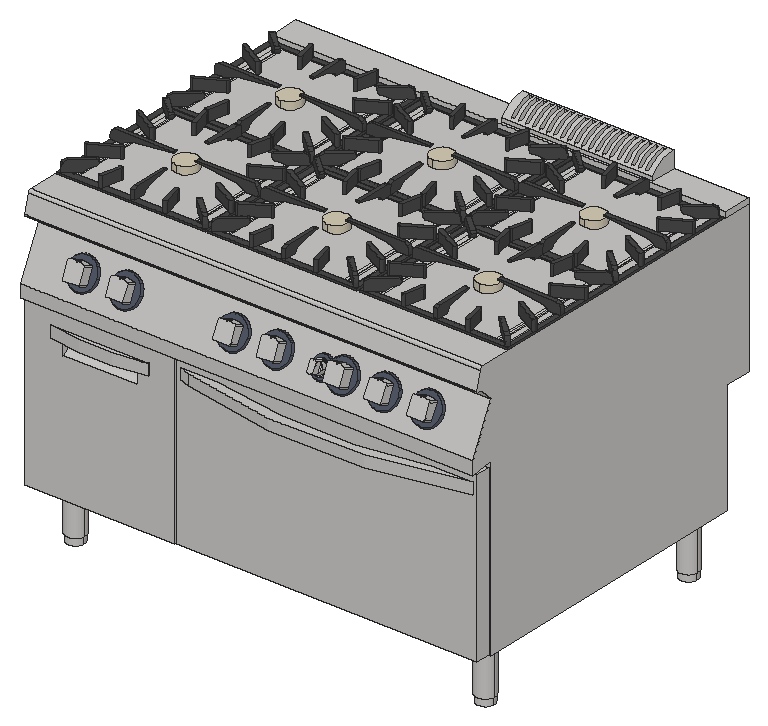
Revit family "QF_ZANUSSI_392014_Z9GCGL6S1M", category Specialty Equipment, Revit 2018 (continued)
Dimensions and locks
  plane 13 to plane 1 "BACK" = 128 mm
  plane 9 "Base" to plane 2 = 150 mm
  plane 14 to plane 13 = 674 mm
  plane 15 to plane 1 "BACK" = 1309 mm
  Extrusion 3 sketch curve to plane 1 "BACK" = 665 mm
  Extrusion 3 sketch curve to plane 4 "RIGHT" = 51 mm
  plane 16 to plane 1 "BACK" = 665 mm
  plane 6 "TOP" to plane 2 = 908 mm
  plane 10 to plane 2 = 850 mm
  Extrusion 4 sketch curve to Extrusion 4 sketch curve = 100 mm
  aligned and locked: level to plane 2
  aligned and locked: plane 4 "RIGHT" to Extrusion 1
  aligned and locked: plane 4 "RIGHT" to Extrusion 2
Automatic sketch dimensions
  Extrusion 1 sketch curve to plane 11 = 0 mm
  Extrusion 1 sketch curve to plane 10 = 0 mm
  Extrusion 1 sketch curve to plane 9 "Base" = 0 mm
  Extrusion 1 sketch curve to plane 1 "BACK" = 0 mm
  plane 9 "Base" to Extrusion 1 sketch curve = 5 mm
  Extrusion 1 sketch curve to plane 11 = 15 mm
  Extrusion 1 sketch curve to plane 11 = 15.116 mm
  Extrusion 1 sketch curve to Extrusion 1 sketch curve = 2.884 mm
  Extrusion 1 sketch curve to plane 10 = 7.474 mm
  Extrusion 1 sketch curve to plane 11 = 28.167 mm
  Extrusion 1 sketch curve to Extrusion 1 sketch curve = 10.198 mm
  Extrusion 1 sketch curve to Extrusion 1 sketch curve = 40 mm
  Extrusion 1 sketch curve to Extrusion 1 sketch curve = 1.355 mm
  Extrusion 1 sketch curve to Extrusion 1 sketch curve = 0.445 mm
  Extrusion 1 sketch curve to Extrusion 1 sketch curve = 5 mm
  Extrusion 1 sketch curve to Extrusion 1 sketch curve = 31.82 mm  (x2)
  Extrusion 1 sketch curve to plane 13 = 57 mm
  Extrusion 1 sketch curve to Extrusion 1 sketch curve = 300 mm
  Extrusion 1 sketch curve to Extrusion 1 sketch curve = 242.526 mm
  Extrusion 1 sketch curve to Extrusion 1 sketch curve = 5.508 mm
  Extrusion 1 sketch curve to Extrusion 1 sketch curve = 10.259 mm
  Extrusion 1 sketch curve to Extrusion 1 sketch curve = 35 mm
  Extrusion 1 sketch curve to Extrusion 1 sketch curve = 81.162 mm
  Extrusion 1 sketch curve to Extrusion 1 sketch curve = 3 mm
  Extrusion 5 sketch curve to plane 1 "BACK" = 0 mm
  Extrusion 5 sketch curve to plane 6 "TOP" = 0 mm
  plane 1 "BACK" to Extrusion 5 sketch curve = 1.769 mm
  plane 10 to Extrusion 5 sketch curve = 23.813 mm
  plane 1 "BACK" to Extrusion 5 sketch curve = 69.85 mm
  plane 10 to Extrusion 5 sketch curve = 14.288 mm
  Extrusion 12 sketch curve to plane 7 "Center Y" = 202.5 mm
  Extrusion 12 sketch curve to Extrusion 12 sketch curve = 5 mm
  plane 9 "Base" to Extrusion 12 sketch curve = 5 mm
  Extrusion 12 sketch curve to plane 10 = 250 mm
  plane 15 to Extrusion 13 sketch curve = 0.028 mm
  plane 9 "Base" to Extrusion 13 sketch curve = 5 mm
  Extrusion 13 sketch curve to plane 11 = 15 mm
  plane 9 "Base" to Extrusion 13 sketch curve = 6.461 mm
  Extrusion 13 sketch curve to Extrusion 13 sketch curve = 36.025 mm
  Extrusion 16 sketch curve to plane 11 = 12.909 mm
  Extrusion 16 sketch curve to plane 11 = 15 mm
  Extrusion 16 sketch curve to Extrusion 16 sketch curve = 22 mm
  plane 9 "Base" to Extrusion 16 sketch curve = 347 mm
  Extrusion 16 sketch curve to Extrusion 16 sketch curve = 26 mm
  plane 7 "Center Y" to Blend 18 sketch curve = 179.5 mm  (x2)
  Blend 18 sketch curve to Blend 18 sketch curve = 53 mm  (x2)
  Blend 18 sketch curve to Blend 18 sketch curve = 0 mm  (x2)
  Blend 18 sketch curve to Blend 18 sketch curve = 17.95 mm
  Blend 18 sketch curve to Blend 18 sketch curve = 24.037 mm
  Blend 18 sketch curve to Blend 18 sketch curve = 18.422 mm
  Blend 18 sketch curve to Blend 18 sketch curve = 21.086 mm
  plane 7 "Center Y" to Extrusion 19 sketch curve = 177.499 mm
  plane 7 "Center Y" to Extrusion 20 sketch curve = 160.607 mm
  Extrusion 20 sketch curve to Extrusion 20 sketch curve = 6.058 mm
  Extrusion 20 sketch curve to Extrusion 20 sketch curve = 0.01 mm  (x2)
  Extrusion 20 sketch curve to Extrusion 20 sketch curve = 8.895 mm  (x2)
  Extrusion 20 sketch curve to Extrusion 20 sketch curve = 15.995 mm
  Extrusion 20 sketch curve to Extrusion 20 sketch curve = 2.827 mm  (x3)
  Extrusion 20 sketch curve to Extrusion 20 sketch curve = 0 mm
  Extrusion 20 sketch curve to Extrusion 20 sketch curve = 15.163 mm
  Extrusion 20 sketch curve to Extrusion 20 sketch curve = 15.173 mm
  plane 7 "Center Y" to Extrusion 21 sketch curve = 209.5 mm
  Extrusion 21 sketch curve to Extrusion 21 sketch curve = 2.997 mm  (x3)
  Extrusion 21 sketch curve to Extrusion 21 sketch curve = 20.003 mm  (x2)
  Extrusion 21 sketch curve to Extrusion 21 sketch curve = 40.005 mm
  Extrusion 21 sketch curve to Extrusion 21 sketch curve = 5.399 mm
  Extrusion 21 sketch curve to Extrusion 21 sketch curve = 40.037 mm
  Extrusion 21 sketch curve to Extrusion 21 sketch curve = 0 mm  (x2)
  Split face 27 sketch curve to Split face 27 sketch curve = 2.545 mm
  Split face 27 sketch curve to Split face 27 sketch curve = 4.379 mm
  Extrusion 24 sketch curve to plane 11 = 9.394 mm
  Extrusion 24 sketch curve to plane 10 = 111.98 mm
  Extrusion 24 sketch curve to Extrusion 24 sketch curve = 3 mm
  Extrusion 24 sketch curve to Extrusion 24 sketch curve = 0 mm  (x2)
  Extrusion 24 sketch curve to Extrusion 24 sketch curve = 1 mm
  Extrusion 24 sketch curve to Extrusion 24 sketch curve = 15 mm
  Extrusion 26 sketch curve to plane 11 = 9.394 mm
  Extrusion 26 sketch curve to plane 10 = 111.98 mm
  Extrusion 26 sketch curve to Extrusion 26 sketch curve = 3 mm
  Extrusion 26 sketch curve to Extrusion 26 sketch curve = 0 mm
  Extrusion 26 sketch curve to Extrusion 26 sketch curve = 1 mm  (x2)
  Extrusion 26 sketch curve to Extrusion 26 sketch curve = 15 mm
  plane 7 "Center Y" to Extrusion 30 sketch curve = 177.499 mm
  Extrusion 31 sketch curve to plane 11 = 9.394 mm
  Extrusion 31 sketch curve to plane 10 = 111.98 mm
  Extrusion 31 sketch curve to Extrusion 31 sketch curve = 3 mm
  Extrusion 31 sketch curve to Extrusion 31 sketch curve = 0 mm  (x2)
  Extrusion 31 sketch curve to Extrusion 31 sketch curve = 1 mm
  Extrusion 31 sketch curve to Extrusion 31 sketch curve = 15 mm
  plane 17 to Blend 32 sketch curve = 34.999 mm  (x2)
  plane 17 to Extrusion 33 sketch curve = 57.999 mm
  Extrusion 33 sketch curve to Extrusion 33 sketch curve = 2.997 mm  (x3)
  Extrusion 33 sketch curve to Extrusion 33 sketch curve = 20.003 mm
  plane 17 to Extrusion 33 sketch curve = 14.996 mm  (x2)
  Extrusion 33 sketch curve to Extrusion 33 sketch curve = 5.399 mm
  Extrusion 33 sketch curve to Extrusion 33 sketch curve = 40.037 mm
  Extrusion 33 sketch curve to Extrusion 33 sketch curve = 0 mm  (x2)
  Extrusion 34 sketch curve to plane 11 = 9.394 mm
  Extrusion 34 sketch curve to plane 10 = 111.98 mm
  Extrusion 34 sketch curve to Extrusion 34 sketch curve = 3 mm
  Extrusion 34 sketch curve to Extrusion 34 sketch curve = 0 mm  (x2)
  Extrusion 34 sketch curve to Extrusion 34 sketch curve = 1 mm
  Extrusion 34 sketch curve to Extrusion 34 sketch curve = 15 mm
  plane 17 to Extrusion 35 sketch curve = 52.499 mm
  plane 17 to Extrusion 35 sketch curve = 17.499 mm
  Extrusion 35 sketch curve to Extrusion 35 sketch curve = 35 mm
  Extrusion 36 sketch curve to plane 11 = 9.394 mm
  Extrusion 36 sketch curve to plane 10 = 111.98 mm
  Extrusion 36 sketch curve to Extrusion 36 sketch curve = 3 mm
  Extrusion 36 sketch curve to Extrusion 36 sketch curve = 0 mm
  Extrusion 36 sketch curve to Extrusion 36 sketch curve = 1 mm  (x2)
  Extrusion 36 sketch curve to Extrusion 36 sketch curve = 15 mm
  Extrusion 37 sketch curve to plane 17 = 97.501 mm
  Extrusion 37 sketch curve to Extrusion 37 sketch curve = 35 mm  (x2)
  Blend 38 sketch curve to plane 17 = 80.001 mm  (x2)
  Extrusion 39 sketch curve to plane 17 = 103.001 mm
  Extrusion 39 sketch curve to Extrusion 39 sketch curve = 2.997 mm  (x3)
  Extrusion 39 sketch curve to Extrusion 39 sketch curve = 20.003 mm  (x2)
  Extrusion 39 sketch curve to Extrusion 39 sketch curve = 40.005 mm
  Extrusion 39 sketch curve to Extrusion 39 sketch curve = 0 mm  (x2)
  Extrusion 39 sketch curve to Extrusion 39 sketch curve = 40.037 mm
  Extrusion 39 sketch curve to Extrusion 39 sketch curve = 5.399 mm
  Split face 45 sketch curve to Split face 45 sketch curve = 6 mm
  Split face 45 sketch curve to Split face 45 sketch curve = 10 mm
  Split face 46 sketch curve to Split face 46 sketch curve = 5 mm
  Split face 46 sketch curve to Split face 46 sketch curve = 9 mm
  Split face 47 sketch curve to Split face 47 sketch curve = 5 mm
  Split face 48 sketch curve to Split face 48 sketch curve = 5 mm
  Split face 49 sketch curve to Split face 49 sketch curve = 6 mm
  Split face 49 sketch curve to Split face 49 sketch curve = 10 mm
  Split face 50 sketch curve to Split face 50 sketch curve = 5 mm
  Split face 50 sketch curve to Split face 50 sketch curve = 9 mm
  Split face 51 sketch curve to Split face 51 sketch curve = 5 mm
  Split face 52 sketch curve to Split face 52 sketch curve = 5 mm
  Blend 40 sketch curve to plane 7 "Center Y" = 57.5 mm  (x2)
  Extrusion 41 sketch curve to plane 7 "Center Y" = 80.5 mm
  Extrusion 41 sketch curve to Extrusion 41 sketch curve = 2.997 mm  (x3)
  Extrusion 41 sketch curve to Extrusion 41 sketch curve = 20.003 mm  (x2)
  Extrusion 41 sketch curve to plane 7 "Center Y" = 37.497 mm
  Extrusion 41 sketch curve to Extrusion 41 sketch curve = 5.399 mm
  Extrusion 41 sketch curve to Extrusion 41 sketch curve = 40.037 mm
  Extrusion 41 sketch curve to Extrusion 41 sketch curve = 0 mm  (x2)
  Extrusion 42 sketch curve to plane 11 = 9.394 mm
  Extrusion 42 sketch curve to plane 10 = 111.98 mm
  Extrusion 42 sketch curve to Extrusion 42 sketch curve = 3 mm
  Extrusion 42 sketch curve to Extrusion 42 sketch curve = 0 mm  (x2)
  Extrusion 42 sketch curve to Extrusion 42 sketch curve = 1 mm
  Extrusion 42 sketch curve to Extrusion 42 sketch curve = 15 mm
  Extrusion 43 sketch curve to plane 7 "Center Y" = 75 mm
  Extrusion 43 sketch curve to plane 7 "Center Y" = 40 mm
  Extrusion 43 sketch curve to Extrusion 43 sketch curve = 35 mm
  Extrusion 44 sketch curve to plane 11 = 9.394 mm
  Extrusion 44 sketch curve to plane 10 = 111.98 mm
  Extrusion 44 sketch curve to Extrusion 44 sketch curve = 3 mm
  Extrusion 44 sketch curve to Extrusion 44 sketch curve = 0 mm
  Extrusion 44 sketch curve to Extrusion 44 sketch curve = 1 mm  (x2)
  Extrusion 44 sketch curve to Extrusion 44 sketch curve = 15 mm
  plane 7 "Center Y" to Extrusion 45 sketch curve = 75 mm
  Extrusion 45 sketch curve to Extrusion 45 sketch curve = 35 mm  (x2)
  plane 7 "Center Y" to Blend 46 sketch curve = 57.5 mm  (x2)
  plane 7 "Center Y" to Extrusion 47 sketch curve = 80.5 mm
  Extrusion 47 sketch curve to Extrusion 47 sketch curve = 2.997 mm  (x3)
  Extrusion 47 sketch curve to Extrusion 47 sketch curve = 20.003 mm  (x2)
  Extrusion 47 sketch curve to Extrusion 47 sketch curve = 40.005 mm
  Extrusion 47 sketch curve to Extrusion 47 sketch curve = 0 mm  (x2)
  Extrusion 47 sketch curve to Extrusion 47 sketch curve = 40.037 mm
  Extrusion 47 sketch curve to Extrusion 47 sketch curve = 5.399 mm
  Split face 61 sketch curve to Split face 61 sketch curve = 6 mm
  Split face 61 sketch curve to Split face 61 sketch curve = 10 mm
  Split face 62 sketch curve to Split face 62 sketch curve = 5 mm
  Split face 62 sketch curve to Split face 62 sketch curve = 9 mm
  Split face 63 sketch curve to Split face 63 sketch curve = 5 mm
  Split face 64 sketch curve to Split face 64 sketch curve = 5 mm
  Split face 65 sketch curve to Split face 65 sketch curve = 6 mm
  Split face 65 sketch curve to Split face 65 sketch curve = 10 mm
  Split face 66 sketch curve to Split face 66 sketch curve = 5 mm
  Split face 66 sketch curve to Split face 66 sketch curve = 9 mm
  Split face 67 sketch curve to Split face 67 sketch curve = 5 mm
  Split face 68 sketch curve to Split face 68 sketch curve = 5 mm
  plane 11 to curve 9 = 0 mm
  curve 2 to plane 4 "RIGHT" = 0 mm
  plane 1 "BACK" to curve 90 = 0 mm
  plane 11 to curve 184 = 0 mm
  curve 184 to plane 15 = 0 mm
  curve 1 to plane 3 "LEFT" = 0 mm
  plane 11 to curve 7 = 0 mm
  plane 11 to curve 5 = 0 mm
  plane 11 to curve 4 = 0 mm
  plane 4 "RIGHT" to curve 8 = 100 mm
  plane 1 "BACK" to curve 61 = 6.761 mm
  curve 61 to plane 4 "RIGHT" = 212.447 mm
  curve 58 to curve 60 = 9.296 mm
  curve 60 to curve 65 = 9.397 mm
  curve 62 to curve 64 = 9.296 mm
  curve 64 to curve 66 = 9.397 mm
  curve 66 to curve 68 = 9.296 mm
  curve 68 to curve 73 = 9.397 mm
  curve 70 to curve 72 = 9.296 mm
  curve 71 to curve 74 = 9.397 mm
  curve 74 to curve 76 = 9.296 mm
  curve 76 to curve 81 = 9.397 mm
  curve 78 to curve 80 = 9.296 mm
  curve 79 to curve 83 = 9.397 mm
  curve 82 to curve 83 = 9.296 mm
  curve 84 to curve 86 = 9.397 mm
  curve 86 to curve 89 = 9.296 mm
  curve 88 to curve 14 = 9.397 mm
  curve 14 to curve 16 = 9.296 mm
  curve 16 to curve 21 = 9.397 mm
  curve 18 to curve 20 = 9.296 mm
  curve 20 to curve 22 = 9.397 mm
  curve 22 to curve 24 = 9.296 mm
  curve 23 to curve 27 = 9.397 mm
  curve 26 to curve 28 = 9.296 mm
  curve 28 to curve 30 = 9.397 mm
  curve 30 to curve 32 = 9.296 mm
  curve 32 to curve 34 = 9.397 mm
  curve 34 to curve 37 = 9.296 mm
  curve 36 to curve 38 = 9.397 mm
  curve 38 to curve 40 = 9.296 mm
  curve 39 to curve 42 = 9.397 mm
  curve 42 to curve 44 = 9.296 mm
  curve 44 to curve 46 = 9.397 mm
  curve 46 to curve 48 = 9.296 mm
  curve 48 to curve 50 = 9.397 mm
  curve 50 to curve 51 = 9.296 mm
  curve 52 to curve 54 = 9.397 mm
  curve 54 to curve 56 = 9.296 mm
  curve 56 to curve 13 = 9.397 mm
  curve 10 to curve 12 = 9.296 mm
  curve 184 to plane 7 "Center Y" = 197.5 mm
  curve 7 to plane 3 "LEFT" = 100 mm
  curve 8 to plane 1 "BACK" = 100 mm
  plane 1 "BACK" to curve 85 = 6.761 mm
  plane 1 "BACK" to curve 88 = 6.761 mm
  plane 1 "BACK" to curve 45 = 6.761 mm
  plane 1 "BACK" to curve 81 = 6.761 mm
  plane 1 "BACK" to curve 10 = 6.761 mm
  plane 1 "BACK" to curve 77 = 6.761 mm
  plane 1 "BACK" to curve 14 = 6.761 mm
  plane 1 "BACK" to curve 73 = 6.761 mm
  plane 1 "BACK" to curve 18 = 6.761 mm
  plane 1 "BACK" to curve 69 = 6.761 mm
  plane 1 "BACK" to curve 22 = 6.761 mm
  plane 1 "BACK" to curve 65 = 6.761 mm
  plane 1 "BACK" to curve 26 = 6.761 mm
  plane 1 "BACK" to curve 30 = 6.761 mm
  plane 1 "BACK" to curve 57 = 6.761 mm
  plane 1 "BACK" to curve 34 = 6.761 mm
  plane 1 "BACK" to curve 53 = 6.761 mm
  plane 1 "BACK" to curve 38 = 6.761 mm
  plane 1 "BACK" to curve 49 = 6.761 mm
  curve 46 to curve 47 = 57.15 mm
  curve 46 to curve 44 = 0 mm
  curve 42 to curve 40 = 0 mm
  curve 50 to curve 47 = 0 mm
  curve 38 to curve 36 = 0 mm
  curve 54 to curve 51 = 0 mm
  curve 34 to curve 32 = 0 mm
  curve 58 to curve 58 = 57.15 mm
  curve 30 to curve 28 = 0 mm
  curve 62 to curve 59 = 0 mm
  curve 26 to curve 24 = 0 mm
  curve 66 to curve 63 = 0 mm
  curve 22 to curve 20 = 0 mm
  curve 70 to curve 67 = 0 mm
  curve 18 to curve 16 = 0 mm
  curve 74 to curve 71 = 0 mm
  curve 12 to curve 55 = 0 mm
  curve 78 to curve 75 = 0 mm
  curve 14 to curve 86 = 0 mm
  curve 82 to curve 79 = 0 mm
  curve 90 to curve 58 = 14.847 mm
  plane 7 "Center Y" to curve 91 = 2.4 mm
  curve 11 to curve 91 = 5.939 mm
  curve 58 to curve 90 = 5.939 mm
  plane 15 to curve 1 = 36.871 mm
  Extrusion 2 sketch curve to Extrusion 1 = 0 mm  (x2)
  Extrusion 2 sketch curve to Extrusion 1 = 5.2 mm
  Extrusion 1 to Extrusion 2 sketch curve = 14.288 mm
  plane 11 to Extrusion 4 sketch curve = 0 mm  (x2)
  plane 1 "BACK" to Extrusion 4 sketch curve = 0 mm
  Extrusion 4 sketch curve to plane 3 "LEFT" = 0 mm
  Extrusion 4 sketch curve to plane 4 "RIGHT" = 0 mm
  Extrusion 4 sketch curve to plane 3 "LEFT" = 100 mm
  plane 4 "RIGHT" to Extrusion 4 sketch curve = 100 mm
  Revolve 6 sketch curve to plane 9 "Base" = 0 mm  (x2)
  Revolve 6 sketch curve to level = 0 mm
  plane 3 "LEFT" to Revolve 6 sketch curve = 30.6 mm
  Revolve 6 sketch curve to Revolve 6 sketch curve = 2.5 mm
  Revolve 6 sketch curve to Revolve 6 sketch curve = 25.4 mm
  level to Revolve 6 sketch curve = 19.05 mm
  Revolve 6 sketch curve to Revolve 6 sketch curve = 0 mm
  plane 9 "Base" to Revolve 6 sketch curve = 20 mm
  Revolve 7 sketch curve to plane 9 "Base" = 0 mm  (x2)
  Revolve 7 sketch curve to level = 0 mm
  Revolve 7 sketch curve to plane 4 "RIGHT" = 30.6 mm
  Revolve 7 sketch curve to Revolve 7 sketch curve = 2.5 mm
  Revolve 7 sketch curve to Revolve 7 sketch curve = 25.4 mm
  level to Revolve 7 sketch curve = 19.05 mm
  Revolve 7 sketch curve to Revolve 7 sketch curve = 0 mm
  plane 9 "Base" to Revolve 7 sketch curve = 20 mm
  Revolve 8 sketch curve to plane 9 "Base" = 0 mm  (x2)
  Revolve 8 sketch curve to level = 0 mm
  plane 3 "LEFT" to Revolve 8 sketch curve = 30.6 mm
  Revolve 8 sketch curve to Revolve 8 sketch curve = 2.5 mm
  Revolve 8 sketch curve to Revolve 8 sketch curve = 25.4 mm
  level to Revolve 8 sketch curve = 19.05 mm
  Revolve 8 sketch curve to Revolve 8 sketch curve = 0 mm
  plane 9 "Base" to Revolve 8 sketch curve = 20 mm
  Revolve 9 sketch curve to plane 9 "Base" = 0 mm  (x2)
  Revolve 9 sketch curve to level = 0 mm
  Revolve 9 sketch curve to plane 4 "RIGHT" = 30.6 mm
  Revolve 9 sketch curve to Revolve 9 sketch curve = 2.5 mm
  Revolve 9 sketch curve to Revolve 9 sketch curve = 25.4 mm
  level to Revolve 9 sketch curve = 19.05 mm
  Revolve 9 sketch curve to Revolve 9 sketch curve = 0 mm
  plane 9 "Base" to Revolve 9 sketch curve = 20 mm
  Extrusion 10 sketch curve to plane 4 "RIGHT" = 43 mm
  plane 16 to Extrusion 10 sketch curve = 89 mm
  plane 1 "BACK" to Extrusion 11 sketch curve = 63.911 mm  (x2)
  Extrusion 11 sketch curve to plane 4 "RIGHT" = 212.447 mm
  Extrusion 11 sketch curve to Extrusion 11 sketch curve = 9.296 mm  (x20)
  Extrusion 11 sketch curve to Extrusion 11 sketch curve = 9.397 mm  (x19)
  Extrusion 11 sketch curve to Extrusion 11 sketch curve = 0 mm  (x18)
  plane 1 "BACK" to Extrusion 11 sketch curve = 6.761 mm  (x20)
  Extrusion 14 sketch curve to Extrusion 14 sketch curve = 0 mm  (x6)
  Extrusion 14 sketch curve to plane 4 "RIGHT" = 10 mm
  Extrusion 14 sketch curve to plane 11 = 15 mm  (x2)
  Extrusion 14 sketch curve to Extrusion 14 sketch curve = 93.605 mm
  plane 7 "Center Y" to Extrusion 14 sketch curve = 200 mm
  Extrusion 14 sketch curve to plane 1 "BACK" = 337.5 mm
  Extrusion 14 sketch curve to plane 11 = 4.65 mm
  Extrusion 15 sketch curve to plane 11 = 15 mm
  Extrusion 15 sketch curve to plane 17 = 152.774 mm
  Extrusion 15 sketch curve to plane 17 = 22.501 mm
  plane 3 "LEFT" to Extrusion 15 sketch curve = 69.727 mm
  plane 8 "Center X" to Extrusion 15 sketch curve = 44.497 mm
  Extrusion 15 sketch curve to Extrusion 15 sketch curve = 0.915 mm
  Extrusion 17 sketch curve to plane 3 "LEFT" = 0 mm
  Extrusion 17 sketch curve to Extrusion 17 sketch curve = 1.271 mm
  Extrusion 17 sketch curve to plane 11 = 42.863 mm
  Extrusion 17 sketch curve to plane 7 "Center Y" = 201.277 mm
  Blend 22 sketch curve to plane 4 "RIGHT" = 257.5 mm  (x2)
  Extrusion 23 sketch curve to plane 4 "RIGHT" = 280.5 mm
  Extrusion 23 sketch curve to Extrusion 23 sketch curve = 2.997 mm  (x3)
  Extrusion 23 sketch curve to Extrusion 23 sketch curve = 20.003 mm  (x2)
  Extrusion 23 sketch curve to Extrusion 23 sketch curve = 40.005 mm
  Extrusion 23 sketch curve to Extrusion 23 sketch curve = 5.399 mm
  Extrusion 23 sketch curve to Extrusion 23 sketch curve = 40.037 mm
  Extrusion 23 sketch curve to Extrusion 23 sketch curve = 0 mm  (x2)
  Extrusion 25 sketch curve to plane 4 "RIGHT" = 275 mm
  Extrusion 25 sketch curve to Extrusion 25 sketch curve = 35 mm  (x2)
  Extrusion 27 sketch curve to plane 4 "RIGHT" = 125 mm
  Extrusion 27 sketch curve to Extrusion 27 sketch curve = 35 mm  (x2)
  Blend 28 sketch curve to plane 4 "RIGHT" = 142.5 mm  (x2)
  Extrusion 29 sketch curve to plane 4 "RIGHT" = 119.5 mm
  Extrusion 29 sketch curve to Extrusion 29 sketch curve = 2.997 mm  (x3)
  Extrusion 29 sketch curve to Extrusion 29 sketch curve = 20.003 mm  (x2)
  Extrusion 29 sketch curve to Extrusion 29 sketch curve = 40.005 mm
  Extrusion 29 sketch curve to Extrusion 29 sketch curve = 0 mm  (x2)
  Extrusion 29 sketch curve to Extrusion 29 sketch curve = 40.037 mm
  Extrusion 29 sketch curve to Extrusion 29 sketch curve = 5.399 mm
  Split face 29 sketch curve to Split face 29 sketch curve = 6 mm
  Split face 29 sketch curve to Split face 29 sketch curve = 10 mm
  Split face 30 sketch curve to Split face 30 sketch curve = 5 mm
  Split face 30 sketch curve to Split face 30 sketch curve = 9 mm
  Split face 31 sketch curve to Split face 31 sketch curve = 5 mm
  Split face 32 sketch curve to Split face 32 sketch curve = 5 mm
  Split face 33 sketch curve to Split face 33 sketch curve = 6 mm
  Split face 33 sketch curve to Split face 33 sketch curve = 10 mm
  Split face 34 sketch curve to Split face 34 sketch curve = 5 mm
  Split face 34 sketch curve to Split face 34 sketch curve = 9 mm
  Split face 35 sketch curve to Split face 35 sketch curve = 5 mm
  Split face 36 sketch curve to Split face 36 sketch curve = 5 mm
  curve 230 to plane 11 = 17.937 mm
  plane 7 "Center Y" to curve 230 = 177.499 mm
  curve 225 to curve 230 = 0.001 mm
  curve 223 to curve 225 = 7.996 mm
  curve 226 to curve 226 = 2.259 mm
  curve 225 to curve 226 = 0.319 mm
  curve 225 to curve 223 = 3.717 mm
  curve 226 to curve 225 = 1.423 mm
  curve 229 to curve 225 = 4.288 mm
  curve 225 to curve 224 = 0.001 mm
  curve 227 to curve 227 = 0.865 mm
  curve 227 to curve 227 = 2.495 mm
  curve 227 to curve 224 = 0.141 mm
  curve 222 to curve 224 = 3.718 mm
  curve 224 to curve 225 = 4.284 mm
  curve 225 to curve 224 = 0 mm
  curve 230 to curve 225 = 2.937 mm
  curve 230 to curve 224 = 2.937 mm
  curve 225 to curve 229 = 0 mm
  curve 228 to curve 224 = 0 mm
  curve 225 to curve 223 = 1.224 mm
  curve 224 to curve 222 = 1.224 mm
  curve 228 to curve 228 = 4.847 mm
  curve 230 to curve 224 = 7.784 mm
  curve 228 to curve 225 = 0.003 mm
  curve 229 to curve 229 = 4.85 mm
  curve 225 to curve 226 = 0.047 mm
  curve 227 to curve 227 = 2.86 mm
  curve 227 to curve 222 = 10.261 mm
  curve 181 to curve 182 = 0 mm  (x2)
  curve 181 to curve 183 = 0 mm  (x2)
  curve 181 to curve 203 = 0 mm  (x2)
  curve 159 to plane 3 "LEFT" = 0 mm
  curve 93 to plane 3 "LEFT" = 0 mm
  curve 185 to plane 3 "LEFT" = 0 mm
  curve 158 to plane 3 "LEFT" = 0 mm
  plane 11 to curve 220 = 0 mm
  plane 11 to curve 221 = 0 mm
  curve 163 to plane 4 "RIGHT" = 0 mm
  curve 93 to plane 4 "RIGHT" = 0 mm
  curve 158 to plane 4 "RIGHT" = 0 mm
  curve 185 to plane 3 "LEFT" = 1.271 mm
  plane 11 to curve 94 = 9.347 mm
  plane 17 to curve 94 = 57.999 mm
  curve 95 to curve 95 = 0.809 mm
  curve 98 to curve 98 = 1.583 mm
  curve 95 to curve 96 = 1.846 mm
  curve 95 to curve 109 = 2.189 mm
  curve 94 to curve 97 = 11.892 mm
  curve 101 to plane 11 = 9.329 mm
  curve 98 to curve 101 = 20.417 mm
  plane 17 to curve 99 = 35.868 mm
  curve 99 to curve 108 = 1.738 mm
  curve 100 to curve 102 = 2 mm
  curve 97 to curve 106 = 22.215 mm
  plane 17 to curve 109 = 14.996 mm
  curve 105 to curve 105 = 0.343 mm
  plane 17 to curve 107 = 13.582 mm
  curve 109 to curve 104 = 2.189 mm
  curve 104 to curve 103 = 0.809 mm
  plane 11 to curve 110 = 9.347 mm
  curve 110 to plane 17 = 57.001 mm
  curve 111 to curve 111 = 0.809 mm
  curve 114 to curve 114 = 1.583 mm
  curve 111 to curve 112 = 1.846 mm
  curve 111 to curve 125 = 2.189 mm
  curve 110 to curve 113 = 11.892 mm
  curve 117 to plane 11 = 9.329 mm
  curve 114 to curve 117 = 20.417 mm
  curve 115 to plane 17 = 79.132 mm
  curve 115 to curve 124 = 1.738 mm
  curve 116 to curve 118 = 2 mm
  curve 113 to curve 122 = 22.215 mm
  curve 117 to curve 125 = 19.003 mm
  curve 121 to curve 121 = 0.343 mm
  curve 121 to curve 123 = 1.071 mm
  curve 121 to curve 120 = 2.189 mm
  curve 120 to curve 119 = 0.809 mm
  plane 11 to curve 204 = 9.347 mm
  curve 204 to plane 7 "Center Y" = 80.5 mm
  curve 204 to curve 205 = 0.809 mm
  curve 208 to curve 208 = 1.583 mm
  curve 205 to curve 206 = 1.846 mm
  curve 204 to curve 207 = 11.892 mm
  curve 210 to plane 11 = 9.329 mm
  curve 208 to curve 210 = 20.417 mm
  curve 209 to plane 7 "Center Y" = 58.369 mm
  curve 209 to curve 218 = 1.738 mm
  curve 210 to curve 211 = 2 mm
  curve 207 to curve 216 = 22.215 mm
  curve 211 to curve 219 = 19.003 mm
  curve 215 to curve 215 = 0.343 mm
  curve 215 to curve 217 = 1.071 mm
  curve 215 to curve 214 = 2.189 mm
  curve 214 to curve 213 = 0.809 mm
  plane 11 to curve 186 = 9.347 mm
  plane 7 "Center Y" to curve 186 = 34.5 mm
  curve 186 to curve 187 = 0.809 mm
  curve 190 to curve 190 = 1.583 mm
  curve 187 to curve 188 = 1.846 mm
  curve 186 to curve 189 = 11.892 mm
  curve 193 to plane 11 = 9.329 mm
  curve 190 to curve 193 = 20.417 mm
  plane 7 "Center Y" to curve 191 = 56.631 mm
  curve 191 to curve 200 = 1.738 mm
  curve 192 to curve 193 = 2 mm
  curve 189 to curve 198 = 22.215 mm
  curve 193 to curve 202 = 19.003 mm
  curve 202 to curve 197 = 0.343 mm
  curve 197 to curve 199 = 1.071 mm
  curve 202 to curve 196 = 2.189 mm
  curve 196 to curve 195 = 0.809 mm
  curve 231 to plane 11 = 13.86 mm
  curve 195 to curve 231 = 87.327 mm
  curve 231 to curve 232 = 19.344 mm
  plane 7 "Center Y" to curve 183 = 200 mm
  plane 11 to curve 126 = 9.347 mm
  curve 232 to curve 126 = 22.329 mm
  curve 127 to curve 127 = 0.809 mm
  curve 130 to curve 130 = 1.583 mm
  curve 127 to curve 128 = 1.846 mm
  curve 127 to curve 141 = 2.189 mm
  curve 126 to curve 129 = 11.892 mm
  curve 133 to plane 11 = 9.329 mm
  curve 130 to curve 133 = 20.417 mm
  curve 128 to curve 131 = 19.134 mm
  curve 131 to curve 140 = 1.738 mm
  curve 132 to curve 134 = 2 mm
  curve 129 to curve 138 = 22.215 mm
  curve 133 to curve 141 = 19.003 mm
  curve 141 to curve 137 = 0.343 mm
  curve 137 to curve 139 = 1.071 mm
  curve 141 to curve 136 = 2.189 mm
  curve 136 to curve 135 = 0.809 mm
  plane 11 to curve 164 = 9.347 mm
  curve 135 to curve 164 = 64 mm
  curve 165 to curve 165 = 0.809 mm
  curve 168 to curve 168 = 1.583 mm
  curve 165 to curve 166 = 1.846 mm
  curve 165 to curve 179 = 2.189 mm
  curve 164 to curve 167 = 11.892 mm
  curve 170 to plane 11 = 9.329 mm
  curve 168 to curve 170 = 20.417 mm
  curve 166 to curve 169 = 19.134 mm
  curve 169 to curve 178 = 1.738 mm
  curve 170 to curve 172 = 2 mm
  curve 167 to curve 176 = 22.215 mm
  curve 171 to curve 179 = 19.003 mm
  curve 179 to curve 175 = 0.343 mm
  curve 175 to curve 177 = 1.071 mm
  curve 175 to curve 174 = 2.189 mm
  curve 174 to curve 173 = 0.809 mm
  plane 11 to curve 142 = 9.347 mm
  curve 173 to curve 142 = 69 mm
  curve 143 to curve 143 = 0.809 mm
  curve 146 to curve 146 = 1.583 mm
  curve 143 to curve 144 = 1.846 mm
  curve 143 to curve 157 = 2.189 mm
  curve 142 to curve 145 = 11.892 mm
  curve 149 to plane 11 = 9.329 mm
  curve 146 to curve 149 = 20.417 mm
  curve 144 to curve 147 = 19.134 mm
  curve 147 to curve 156 = 1.738 mm
  curve 148 to curve 150 = 2 mm
  curve 145 to curve 154 = 22.215 mm
  curve 149 to curve 157 = 19.003 mm
  curve 153 to curve 153 = 0.343 mm
  curve 153 to curve 155 = 1.071 mm
  curve 157 to curve 152 = 2.189 mm
  curve 152 to curve 151 = 0.809 mm
  curve 119 to curve 220 = 9.347 mm
  curve 109 to curve 95 = 1.333 mm
  plane 11 to curve 179 = 10.68 mm
  curve 125 to curve 111 = 1.333 mm
  plane 11 to curve 219 = 10.68 mm
  plane 11 to curve 141 = 10.68 mm
  plane 11 to curve 202 = 10.68 mm
  plane 11 to curve 157 = 10.68 mm
  curve 115 to curve 112 = 86.839 mm
  curve 99 to curve 96 = 86.839 mm
  curve 209 to curve 206 = 86.839 mm
  curve 191 to curve 183 = 86.839 mm
  curve 191 to curve 200 = 0 mm
  curve 147 to curve 144 = 86.839 mm
  curve 209 to curve 218 = 0 mm
  curve 131 to curve 128 = 86.839 mm
  curve 147 to curve 156 = 0 mm
  curve 169 to curve 183 = 86.839 mm
  curve 115 to curve 124 = 0 mm
  curve 131 to curve 140 = 0 mm
  curve 169 to curve 178 = 0 mm
  curve 99 to curve 108 = 0 mm
  curve 175 to curve 174 = 1.333 mm
  curve 202 to curve 195 = 1.333 mm
  curve 109 to curve 104 = 1.333 mm
  curve 215 to curve 213 = 1.333 mm
  curve 157 to curve 152 = 1.333 mm
  curve 141 to curve 135 = 1.333 mm
  curve 127 to curve 128 = 2.779 mm
  curve 165 to curve 166 = 2.779 mm
  curve 174 to curve 175 = 2.779 mm
  curve 120 to curve 121 = 2.779 mm
  curve 136 to curve 137 = 2.779 mm
  curve 187 to curve 188 = 2.779 mm
  curve 143 to curve 144 = 2.779 mm
  curve 111 to curve 112 = 2.779 mm
  curve 196 to curve 197 = 2.779 mm
  curve 104 to curve 105 = 2.779 mm
  curve 214 to curve 215 = 2.779 mm
  curve 205 to curve 206 = 2.779 mm
  curve 95 to curve 96 = 2.779 mm
  curve 152 to curve 153 = 2.779 mm
  curve 107 to plane 11 = 7.894 mm
  curve 98 to plane 11 = 7.894 mm
  curve 168 to plane 11 = 7.894 mm
  curve 146 to plane 11 = 7.894 mm
  curve 139 to plane 11 = 7.894 mm
  curve 199 to plane 11 = 7.894 mm
  curve 123 to plane 11 = 7.894 mm
  curve 190 to plane 11 = 7.894 mm
  curve 114 to plane 11 = 7.894 mm
  curve 208 to plane 11 = 7.894 mm
  curve 155 to plane 11 = 7.894 mm
  curve 177 to plane 11 = 7.894 mm
  curve 130 to plane 11 = 7.894 mm
  curve 217 to plane 11 = 7.894 mm
  curve 232 to plane 11 = 13.86 mm
  curve 185 to plane 11 = 42.863 mm
  curve 211 to curve 216 = 41.91 mm
  curve 193 to curve 198 = 41.91 mm
  curve 189 to curve 198 = 0 mm
  curve 100 to curve 97 = 41.91 mm
  curve 207 to curve 216 = 0 mm
  curve 97 to curve 106 = 0 mm
  curve 116 to curve 113 = 41.91 mm
  curve 113 to curve 122 = 0 mm
  curve 171 to curve 176 = 41.91 mm
  curve 167 to curve 176 = 0 mm
  curve 149 to curve 154 = 41.91 mm
  curve 145 to curve 154 = 0 mm
  curve 133 to curve 138 = 41.91 mm
  curve 129 to curve 138 = 0 mm
  curve 203 to plane 1 "BACK" = 337.5 mm
  curve 97 to curve 94 = 9.809 mm
  curve 98 to curve 98 = 0.284 mm
  curve 107 to curve 107 = 0.284 mm
  plane 17 to curve 106 = 2.19 mm
  curve 113 to curve 110 = 9.809 mm
  curve 114 to curve 114 = 0.284 mm
  curve 123 to curve 123 = 0.284 mm
  curve 119 to curve 122 = 9.809 mm
  curve 122 to curve 185 = 106.11 mm
  plane 11 to curve 181 = 0.129 mm  (x2)
  curve 181 to curve 220 = 57.77 mm
  curve 207 to curve 204 = 9.809 mm
  curve 206 to curve 205 = 0.277 mm
  curve 208 to curve 208 = 0.284 mm
  curve 217 to curve 217 = 0.284 mm
  curve 213 to curve 216 = 9.809 mm
  plane 11 to curve 203 = 0.129 mm
  curve 221 to curve 203 = 10.499 mm
  plane 7 "Center Y" to curve 92 = 2.4 mm
  curve 189 to curve 186 = 9.809 mm
  curve 187 to curve 187 = 0.277 mm
  curve 221 to curve 188 = 1.654 mm
  curve 190 to curve 190 = 0.284 mm
  curve 188 to curve 183 = 8.772 mm
  curve 199 to curve 199 = 0.284 mm
  curve 195 to curve 198 = 9.809 mm
  curve 231 to curve 231 = 1.229 mm
  curve 231 to curve 231 = 0.445 mm
  plane 11 to curve 201 = 0.129 mm
  curve 201 to curve 231 = 0 mm
  curve 232 to curve 232 = 1.675 mm
  plane 11 to curve 161 = 0.129 mm
  curve 161 to curve 232 = 0 mm
  curve 232 to curve 232 = 0.445 mm
  curve 129 to curve 126 = 9.809 mm
  curve 130 to curve 130 = 0.284 mm
  curve 139 to curve 139 = 0.284 mm
  curve 135 to curve 138 = 9.809 mm
  curve 167 to curve 164 = 9.809 mm
  curve 169 to curve 168 = 0.284 mm
  curve 177 to curve 178 = 0.284 mm
  curve 173 to curve 176 = 9.809 mm
  curve 92 to plane 13 = 58.15 mm
  curve 92 to plane 4 "RIGHT" = 197.6 mm
  plane 11 to curve 182 = 0.129 mm
  curve 182 to curve 180 = 10.499 mm
  curve 145 to curve 142 = 9.809 mm
  curve 147 to curve 146 = 0.284 mm
  curve 155 to curve 155 = 0.284 mm
  curve 151 to curve 154 = 9.809 mm
  plane 11 to curve 162 = 0.129 mm
  plane 11 to curve 159 = 0.129 mm
  plane 11 to curve 160 = 0.129 mm
  curve 98 to curve 98 = 0.567 mm
  curve 155 to curve 155 = 0.567 mm
  curve 208 to curve 208 = 0.567 mm
  curve 130 to curve 130 = 0.567 mm
  curve 199 to curve 199 = 0.567 mm
  curve 168 to curve 168 = 0.567 mm
  curve 123 to curve 123 = 0.567 mm
  curve 114 to curve 114 = 0.567 mm
  curve 177 to curve 177 = 0.567 mm
  curve 146 to curve 146 = 0.567 mm
  curve 139 to curve 139 = 0.567 mm
  curve 217 to curve 217 = 0.567 mm
  curve 190 to curve 190 = 0.567 mm
  curve 107 to curve 107 = 0.567 mm
  curve 130 to curve 129 = 1.156 mm
  curve 93 to plane 13 = 51.8 mm
  radius of Extrusion 19 sketch curve = 20 mm
  radius of Split face 1 sketch curve = 1 mm
  radius of Split face 2 sketch curve = 1 mm
  radius of Split face 3 sketch curve = 1 mm
  radius of Split face 4 sketch curve = 1 mm
  radius of Split face 5 sketch curve = 1 mm
  radius of Split face 6 sketch curve = 1 mm
  radius of Split face 7 sketch curve = 1 mm
  radius of Split face 8 sketch curve = 1 mm
  radius of Split face 9 sketch curve = 1 mm
  radius of Split face 10 sketch curve = 1 mm
  radius of Split face 11 sketch curve = 1 mm
  radius of Split face 12 sketch curve = 1 mm
  radius of Split face 13 sketch curve = 1 mm
  radius of Split face 14 sketch curve = 1 mm
  radius of Split face 15 sketch curve = 1 mm
  radius of Split face 16 sketch curve = 1 mm
  radius of Split face 17 sketch curve = 1 mm
  radius of Split face 18 sketch curve = 1 mm
  radius of Split face 19 sketch curve = 1 mm
  radius of Split face 20 sketch curve = 1 mm
  radius of Split face 21 sketch curve = 1 mm
  radius of Split face 22 sketch curve = 1 mm
  radius of Split face 23 sketch curve = 1 mm
  radius of Split face 24 sketch curve = 1 mm
  radius of Split face 25 sketch curve = 1.508 mm
  radius of Split face 26 sketch curve = 1.343 mm
  radius of Extrusion 30 sketch curve = 16 mm
  radius of Blend 32 sketch curve = 42.5 mm
  radius of Blend 32 sketch curve = 40.5 mm
  radius of Split face 44 sketch curve = 3 mm
  radius of Blend 38 sketch curve = 42.5 mm
  radius of Blend 38 sketch curve = 40.5 mm
  radius of Split face 53 sketch curve = 1.5 mm
  radius of Split face 54 sketch curve = 2.029 mm
  radius of Split face 55 sketch curve = 2.031 mm
  radius of Split face 56 sketch curve = 3.497 mm
  radius of Split face 57 sketch curve = 3.497 mm
  radius of Split face 58 sketch curve = 3 mm
  radius of Split face 59 sketch curve = 1.5 mm
  radius of Blend 40 sketch curve = 42.5 mm
  radius of Blend 40 sketch curve = 40.5 mm
  radius of Split face 60 sketch curve = 3 mm
  radius of Blend 46 sketch curve = 42.5 mm
  radius of Blend 46 sketch curve = 40.5 mm
  radius of Split face 69 sketch curve = 1.5 mm
  radius of Split face 70 sketch curve = 2.029 mm
  radius of Split face 71 sketch curve = 2.031 mm
  radius of Split face 72 sketch curve = 3.497 mm
  radius of Split face 73 sketch curve = 3.497 mm
  radius of Split face 74 sketch curve = 3 mm
  radius of Split face 75 sketch curve = 1.5 mm
  radius of Extrusion 3 sketch curve = 6.4 mm
  radius of Extrusion 10 sketch curve = 12.7 mm
  radius of Blend 22 sketch curve = 42.5 mm
  radius of Blend 22 sketch curve = 40.5 mm
  radius of Split face 28 sketch curve = 3 mm
  radius of Blend 28 sketch curve = 42.5 mm
  radius of Blend 28 sketch curve = 40.5 mm
  radius of Split face 37 sketch curve = 1.5 mm
  radius of Split face 38 sketch curve = 2.029 mm
  radius of Split face 39 sketch curve = 2.031 mm
  radius of Split face 40 sketch curve = 3.497 mm
  radius of Split face 41 sketch curve = 3.497 mm
  radius of Split face 42 sketch curve = 3 mm
  radius of Split face 43 sketch curve = 1.5 mm
Nested families
  nested 1: "QF_392014_BURNER" at (0, -440.6, 0), type "QF_392014_BURNER"
    with Type Mark "", Status "", Specification by User "", Revision Code "", Item Number "", Installed By "", Identify Quantity as Lot yes, Furnished By "", Foodservice Equipment Identifier yes
  nested 2: "QF_392014_BURNER" at (403.15, -440.6, 0), type "QF_392014_BURNER"
    with Type Mark "", Status "", Specification by User "", Revision Code "", Item Number "", Installed By "", Identify Quantity as Lot yes, Furnished By "", Foodservice Equipment Identifier yes
  nested 3: "QF_392014_BURNER" at (1200, -440.6, 0) x (-1, 0, 0) z (0, 0, 1), type "QF_392014_BURNER"
    with Type Mark "", Status "", Specification by User "", Revision Code "", Item Number "", Installed By "", Identify Quantity as Lot yes, Furnished By "", Foodservice Equipment Identifier yes
  nested 4: "QF_392014_BURNER" at (3.15, -440.6, 0), type "QF_392014_BURNER"
    with Type Mark "", Status "", Specification by User "", Revision Code "", Item Number "", Installed By "", Identify Quantity as Lot yes, Furnished By "", Foodservice Equipment Identifier yes
  nested 5: "QF_392014_BURNER" at (1200, -440.6, 0) x (-1, 0, 0) z (0, 0, 1), type "QF_392014_BURNER"
    with Type Mark "", Status "", Specification by User "", Revision Code "", Item Number "", Installed By "", Identify Quantity as Lot yes, Furnished By "", Foodservice Equipment Identifier yes
  nested 6: "QF_392014_BURNER" at (403.15, -440.6, 0), type "QF_392014_BURNER"
    with Type Mark "", Status "", Specification by User "", Revision Code "", Item Number "", Installed By "", Identify Quantity as Lot yes, Furnished By "", Foodservice Equipment Identifier yes
Connectors
  piping at (1149, -665, 129), diameter 12.8
    settings: on Extrusion 3, index 1, connector inside diameter 0.50394", connector length 0 mm, flow factor 0, pipe flow 0 GPM, pressure drop 0.00 psi, fitting loss kfactor 0, connector angle 0.00°, fixture units 0, engagement length 0 mm, angle of deflection 0.00°, flow configuration 1, flow direction 1, fitting loss method 0, system type 7, joint type 0, gender type 0, connector reference index -1, connector utility 0, adjustable connector no, is connector primary yes, connector description "GAS CONNECTION"
Definition of nested family "QF_392014_BURNER"
  Parameters
    Weight in Pounds = 0
    URL Cutsheet = ""
    URL = "www.electrolux.com"
    Type Mark [instance] = ""
    Status [instance] = ""
    Specification by User [instance] = ""
    Specification by Manufacturer = ""
    Show Clearance [instance] = yes
    Serial Number = ""
    Seismic Rating = ""
    SMACNA No = ""
    Revision Code [instance] = ""
    Omniclass Number and Title = ""
    NAFEM Spec ID Number = ""
    Model = "371009"
    Masterspec = ""
    Manufacturer = "ELECTROLUX"
    Item Number [instance] = ""
    Installed By [instance] = ""
    Identify Quantity as Lot [instance] = yes
    Furnished By [instance] = ""
    Foodservice Equipment Identifier [instance] = yes
    Description = ""
    CSI MasterFormat = ""
    CSI Master Format = ""
  Reference planes
    plane 1 "BACK": y = 0
    plane 2: z = 0
    plane 3 "LEFT": x = 0
    plane 4 "RIGHT": x = 393.7
    plane 5 "FRONT": y = -355.6
    plane 6 "TOP": z = 908.85
    plane 7 "Center Y": x = 196.85
    plane 8 "Center X": y = -177.8
    plane 9 "Base": z = 150
    plane 10: z = 850.85
  Forms (mm)
    Extrusion 1, solid
      sketch origin (-6.433, -404.961, 5) x (1, 0, 0) y (0, 0, -1)
        loop
          arc (7.142, -850.85) -> (6.739, -862.989) -> (9.761, -874.752) r 42.809
          line (9.761, -874.752) -> (19.961, -879.425) -> (173.122, -879.425)
          arc (173.122, -879.425) -> (174.316, -878.312) -> (173.289, -877.043) r 1.197
          line (173.289, -877.043) -> (64.848, -864.021)
          arc (64.848, -864.021) -> (50.111, -858.738) -> (36.589, -850.85) r 85.245
          line (36.589, -850.85) -> (7.142, -850.85)
        loop
          line (399.424, -850.85) -> (369.977, -850.85)
          arc (369.977, -850.85) -> (356.455, -858.738) -> (341.718, -864.021) r 85.245
          line (341.718, -864.021) -> (233.277, -877.043)
          arc (233.277, -877.043) -> (232.25, -878.312) -> (233.444, -879.425) r 1.197
          line (233.444, -879.425) -> (386.605, -879.425) -> (396.806, -874.752)
          arc (396.806, -874.752) -> (399.827, -862.989) -> (399.424, -850.85) r 42.809
      from 224.564 to 234.564
    Extrusion 2, solid
      sketch origin (196.85, 175.397, 1219.2) x (0, 1, 0) y (0, 0, 1)
        loop
          line (-204.463, -363.35) -> (-175.397, -363.35) -> (-175.397, -339.506)
          arc (-175.397, -339.506) -> (-181.025, -338.266) -> (-185.611, -334.775) r 13.39
          line (-185.611, -334.775) -> (-278.903, -334.775)
          arc (-278.903, -334.775) -> (-280.097, -335.888) -> (-279.07, -337.157) r 1.197
          line (-279.07, -337.157) -> (-227.151, -347.464)
          arc (-227.151, -347.464) -> (-213.741, -352.457) -> (-204.463, -363.35) r 28.426
        loop
          arc (-496.332, -363.35) -> (-487.053, -352.457) -> (-473.644, -347.464) r 28.426
          line (-473.644, -347.464) -> (-421.725, -337.157)
          arc (-421.725, -337.157) -> (-420.697, -335.888) -> (-421.891, -334.775) r 1.197
          line (-421.891, -334.775) -> (-515.184, -334.775)
          arc (-515.184, -334.775) -> (-519.769, -338.266) -> (-525.397, -339.506) r 13.39
          line (-525.397, -339.506) -> (-525.397, -363.35) -> (-496.332, -363.35)
      from -5 to 5
    Extrusion 3, solid
      sketch origin (-6.433, 367.064, 850.85) x (0, -1, 0) y (1, 0, 0)
        loop
          line (722.664, 6.433) -> (722.664, 400.133) -> (367.064, 400.133) -> (367.064, 6.433) -> (722.664, 6.433)
        loop
          line (382.064, 21.433) -> (707.664, 21.433) -> (707.664, 385.133) -> (382.064, 385.133) -> (382.064, 21.433)
      from 0 to 5
    Extrusion 4, solid
      sketch origin (-18.933, 367.064, 855.85) x (0, -1, 0) y (1, 0, 0)
        loop
          circle (541.667, 215.783) r 30
      from -1.321 to 17.134
    Extrusion 5, solid
      sketch origin (-6.433, -367.064, 0) x (1, 0, 0) y (0, 0, -1)
        loop
          line (21.433, -855.85) -> (36.589, -855.85)
          arc (36.589, -855.85) -> (40.561, -855.243) -> (44.305, -853.783) r 18.259
          arc (44.305, -853.783) -> (45.997, -853.366) -> (47.69, -853.783) r 3.649
          arc (47.69, -853.783) -> (49.901, -854.522) -> (52.232, -854.529) r 7.328
          line (52.232, -854.529) -> (354.334, -854.529)
          arc (354.334, -854.529) -> (356.666, -854.522) -> (358.877, -853.783) r 7.328
          arc (358.877, -853.783) -> (360.569, -853.366) -> (362.261, -853.783) r 3.649
          arc (362.261, -853.783) -> (366.005, -855.243) -> (369.977, -855.85) r 18.259
          line (369.977, -855.85) -> (385.133, -855.85) -> (385.133, -850.85) -> (21.433, -850.85) -> (21.433, -855.85)
      from 26.464 to 352.064
    Extrusion 6, solid
      sketch origin (83.284, -458.334, 5) x (0.742103, 0.670286, 0) y (0, 0, -1)
        loop
          arc (88.629, -864.012) -> (73.909, -858.731) -> (60.402, -850.85) r 85.245
          line (60.402, -850.85) -> (14.993, -850.85)
          arc (14.993, -850.85) -> (14.642, -862.948) -> (17.686, -874.663) r 42.876
          line (17.686, -874.663) -> (27.899, -879.425) -> (89.664, -879.425)
          arc (89.664, -879.425) -> (92.39, -878.352) -> (93.654, -875.709) r 4
          arc (93.654, -875.709) -> (92.562, -869.25) -> (88.629, -864.012) r 13.87
        loop
          arc (457.638, -864.012) -> (453.704, -869.25) -> (452.613, -875.709) r 13.87
          arc (452.613, -875.709) -> (453.876, -878.352) -> (456.603, -879.425) r 4
          line (456.603, -879.425) -> (518.367, -879.425) -> (528.581, -874.663)
          arc (528.581, -874.663) -> (531.624, -862.948) -> (531.273, -850.85) r 42.876
          line (531.273, -850.85) -> (485.865, -850.85)
          arc (485.865, -850.85) -> (472.357, -858.731) -> (457.638, -864.012) r 85.245
      from 127.064 to 137.064
    Extrusion 7, solid
      sketch origin (310.416, -458.334, 5) x (-0.742103, 0.670286, 0) y (0, 0, 1)
        loop
          arc (88.629, 864.012) -> (92.562, 869.25) -> (93.654, 875.709) r 13.87
          arc (93.654, 875.709) -> (92.39, 878.352) -> (89.664, 879.425) r 4
          line (89.664, 879.425) -> (27.899, 879.425) -> (17.686, 874.663)
          arc (17.686, 874.663) -> (14.642, 862.948) -> (14.993, 850.85) r 42.876
          line (14.993, 850.85) -> (60.402, 850.85)
          arc (60.402, 850.85) -> (73.909, 858.731) -> (88.629, 864.012) r 85.245
        loop
          arc (457.638, 864.012) -> (472.357, 858.731) -> (485.865, 850.85) r 85.245
          line (485.865, 850.85) -> (531.273, 850.85)
          arc (531.273, 850.85) -> (531.624, 862.948) -> (528.581, 874.663) r 42.876
          line (528.581, 874.663) -> (518.367, 879.425) -> (456.603, 879.425)
          arc (456.603, 879.425) -> (453.876, 878.352) -> (452.613, 875.709) r 4
          arc (452.613, 875.709) -> (453.704, 869.25) -> (457.638, 864.012) r 13.87
      from 127.064 to 137.064
    Extrusion 8, solid
      sketch origin (-6.433, 367.064, 855.85) x (0, -1, 0) y (1, 0, 0)
        loop
          arc (626.166, 9.428) -> (632.956, 7.454) -> (634.93, 14.244) r 5
          line (634.93, 14.244) -> (600.514, 76.878)
          arc (600.514, 76.878) -> (593.724, 78.852) -> (591.75, 72.062) r 5
          line (591.75, 72.062) -> (626.166, 9.428)
        loop
          line (463.562, 9.428) -> (497.977, 72.062)
          arc (497.977, 72.062) -> (496.003, 78.852) -> (489.213, 76.878) r 5
          line (489.213, 76.878) -> (454.798, 14.244)
          arc (454.798, 14.244) -> (456.772, 7.454) -> (463.562, 9.428) r 5
        loop
          line (626.166, 397.138) -> (591.75, 334.504)
          arc (591.75, 334.504) -> (593.724, 327.714) -> (600.514, 329.689) r 5
          line (600.514, 329.689) -> (634.93, 392.323)
          arc (634.93, 392.323) -> (632.956, 399.113) -> (626.166, 397.138) r 5
        loop
          arc (463.562, 397.138) -> (456.772, 399.113) -> (454.798, 392.323) r 5
          line (454.798, 392.323) -> (489.213, 329.689)
          arc (489.213, 329.689) -> (496.003, 327.714) -> (497.977, 334.504) r 5
          line (497.977, 334.504) -> (463.562, 397.138)
        loop
          line (715.14, 293.499) -> (666.703, 282.317)
          arc (666.703, 282.317) -> (662.956, 276.32) -> (668.953, 272.573) r 5
          line (668.953, 272.573) -> (717.389, 283.756)
          arc (717.389, 283.756) -> (721.136, 289.752) -> (715.14, 293.499) r 5
        loop
          arc (715.14, 113.067) -> (721.136, 116.814) -> (717.389, 122.811) r 5
          line (717.389, 122.811) -> (668.953, 133.993)
          arc (668.953, 133.993) -> (662.956, 130.246) -> (666.703, 124.249) r 5
          line (666.703, 124.249) -> (715.14, 113.067)
        loop
          arc (374.588, 293.499) -> (368.591, 289.752) -> (372.338, 283.756) r 5
          line (372.338, 283.756) -> (420.775, 272.573)
          arc (420.775, 272.573) -> (426.771, 276.32) -> (423.024, 282.317) r 5
          line (423.024, 282.317) -> (374.588, 293.499)
        loop
          line (374.588, 113.067) -> (423.024, 124.249)
          arc (423.024, 124.249) -> (426.771, 130.246) -> (420.775, 133.993) r 5
          line (420.775, 133.993) -> (372.338, 122.811)
          arc (372.338, 122.811) -> (368.591, 116.814) -> (374.588, 113.067) r 5
      from 0 to 28.575
  Lines and regions (mm)
    symbolic lines
      curve 1: line (0, -355.6, 150) -> (393.7, -355.6, 150)
      curve 2: line (0, 0, 150) -> (0, -355.6, 150)
      curve 3: line (393.7, -355.6, 150) -> (393.7, 0, 150)
      curve 4: line (369.633, -15, 150) -> (285.34, -15, 150)
      curve 5: line (24.067, -340.6, 150) -> (108.36, -340.6, 150)
      curve 6: line (157.475, -170.397, 150) -> (157.475, -15, 150)
      curve 7: line (236.225, -170.397, 150) -> (236.225, -15, 150)
      curve 8: line (201.85, -350, 150) -> (201.85, -176.674, 150)
      curve 9: line (0, -180.397, 150) -> (167.224, -180.397, 150)
      curve 10: line (393.7, -170.397, 150) -> (228.275, -170.397, 150)
      curve 11: line (15, -180.397, 150) -> (15, -252.506, 150)
      curve 12: line (45.799, -340.6, 150) -> (45.799, -320.971, 150)
      curve 13: line (167.224, -170.397, 150) -> (0, -170.397, 150)
      curve 14: line (228.275, -180.504, 150) -> (393.7, -180.504, 150)
      curve 15: arc (228.275, -170.397, 150) -> (223.221, -175.45, 150) -> (228.275, -180.504, 150) r 5.054
      curve 16: arc (167.224, -170.397, 150) -> (172.224, -175.397, 150) -> (167.224, -180.397, 150) r 5
      curve 17: line (191.85, -176.674, 150) -> (191.85, -350, 150)
      curve 18: line (201.85, -134.556, 150) -> (201.85, -0.794, 150)
      curve 19: arc (201.85, -176.674, 150) -> (196.85, -171.674, 150) -> (191.85, -176.674, 150) r 5
      curve 20: arc (201.85, -134.556, 150) -> (196.85, -139.556, 150) -> (191.85, -134.556, 150) r 5
      curve 21: line (191.85, -15, 150) -> (118.623, -15, 150)
      curve 22: arc (201.85, -29.042, 150) -> (213.272, -50.008, 150) -> (201.85, -70.973, 150) r 24.953
      curve 23: arc (213.086, -53.048, 150) -> (214.5, -50.008, 150) -> (213.086, -46.967, 150) r 3.975
      curve 24: arc (191.85, -29.852, 150) -> (181.339, -50.008, 150) -> (191.85, -70.163, 150) r 24.58
      curve 25: arc (181.527, -53.042, 150) -> (179.976, -50.008, 150) -> (181.527, -46.973, 150) r 3.745
      curve 26: line (191.85, -0.794, 150) -> (191.85, -134.556, 150)
      curve 27: line (191.85, -350, 150) -> (201.85, -350, 150)
      curve 28: line (191.85, -11.007, 150) -> (201.85, -11.007, 150)
      curve 29: line (191.85, -0.794, 150) -> (201.85, -0.794, 150)
      curve 30: line (201.85, -340.6, 150) -> (275.077, -340.6, 150)
      curve 31: arc (196.85, -145.397, 0) -> (166.955, -172.888, 0) -> (191.85, -204.977, 0) r 30
      curve 32: arc (201.85, -204.977, 0) -> (226.745, -172.888, 0) -> (196.85, -145.397, 0) r 30
      curve 33: arc (158.678, -180.397, 0) -> (170.734, -200.207, 0) -> (191.85, -209.795, 0) r 39.375
      curve 34: line (163.825, -170.397, 150) -> (163.825, -15, 150)
      curve 35: line (229.875, -170.397, 150) -> (229.875, -15, 150)
      curve 36: line (144.775, -170.397, 150) -> (144.775, -15, 150)
      curve 37: line (248.925, -170.397, 150) -> (248.925, -15, 150)
      curve 38: arc (145.678, -180.397, 0) -> (161.728, -209.187, 0) -> (191.85, -222.573, 0) r 52.075
      curve 39: arc (201.85, -209.795, 0) -> (222.966, -200.207, 0) -> (235.022, -180.397, 0) r 39.375
      curve 40: arc (201.85, -222.573, 0) -> (231.931, -209.224, 0) -> (248.001, -180.504, 0) r 52.075
      curve 41: line (393.7, 0, 0) -> (0, 0, 0)
      curve 42: line (70.445, -122.149, 0) -> (7.81, -87.734, 0)
      curve 43: arc (7.81, -87.734, 0) -> (1.021, -89.708, 0) -> (2.995, -96.498, 0) r 5
      curve 44: line (2.995, -96.498, 0) -> (65.629, -130.914, 0)
      curve 45: arc (65.629, -130.914, 0) -> (72.419, -128.939, 0) -> (70.445, -122.149, 0) r 5
      curve 46: line (65.629, -224.686, 0) -> (2.995, -259.102, 0)
      curve 47: arc (2.995, -259.102, 0) -> (1.021, -265.892, 0) -> (7.81, -267.866, 0) r 5
      curve 48: line (7.81, -267.866, 0) -> (70.445, -233.451, 0)
      curve 49: arc (70.445, -233.451, 0) -> (72.419, -226.661, 0) -> (65.629, -224.686, 0) r 5
      curve 50: line (323.255, -122.149, 0) -> (385.89, -87.734, 0)
      curve 51: arc (385.89, -87.734, 0) -> (392.679, -89.708, 0) -> (390.705, -96.498, 0) r 5
      curve 52: line (390.705, -96.498, 0) -> (328.071, -130.914, 0)
      curve 53: arc (328.071, -130.914, 0) -> (321.281, -128.939, 0) -> (323.255, -122.149, 0) r 5
      curve 54: line (328.071, -224.686, 0) -> (390.705, -259.102, 0)
      curve 55: arc (390.705, -259.102, 0) -> (392.679, -265.892, 0) -> (385.89, -267.866, 0) r 5
      curve 56: line (385.89, -267.866, 0) -> (323.255, -233.451, 0)
      curve 57: arc (323.255, -233.451, 0) -> (321.281, -226.661, 0) -> (328.071, -224.686, 0) r 5
      curve 58: line (118.623, -340.6, 150) -> (191.85, -340.6, 150)
      curve 59: line (285.34, -340.6, 150) -> (369.633, -340.6, 150)
      curve 60: line (378.7, -335.314, 0) -> (378.7, -263.916, 0)
      curve 61: line (1.326, -7.935, 0) -> (58.752, -59.804, 0)
      curve 62: line (65.455, -52.383, 0) -> (8.029, -0.514, 0)
      curve 63: arc (58.752, -59.804, 0) -> (65.814, -59.445, 0) -> (65.455, -52.383, 0) r 5
      curve 64: line (1.326, -7.935, 0) -> (8.029, -0.514, 0)
      curve 65: line (392.374, -7.935, 0) -> (334.948, -59.804, 0)
      curve 66: line (328.245, -52.383, 0) -> (385.671, -0.514, 0)
      curve 67: arc (334.948, -59.804, 0) -> (327.886, -59.445, 0) -> (328.245, -52.383, 0) r 5
      curve 68: line (392.374, -7.935, 0) -> (385.671, -0.514, 0)
      curve 69: line (392.374, -347.665, 0) -> (334.948, -295.796, 0)
      curve 70: line (328.245, -303.217, 0) -> (385.671, -355.086, 0)
      curve 71: arc (334.948, -295.796, 0) -> (327.886, -296.155, 0) -> (328.245, -303.217, 0) r 5
      curve 72: line (392.374, -347.665, 0) -> (385.671, -355.086, 0)
      curve 73: line (1.326, -347.665, 0) -> (58.752, -295.796, 0)
      curve 74: line (65.455, -303.217, 0) -> (8.029, -355.086, 0)
      curve 75: arc (58.752, -295.796, 0) -> (65.814, -296.155, 0) -> (65.455, -303.217, 0) r 5
      curve 76: line (1.326, -347.665, 0) -> (8.029, -355.086, 0)
      curve 77: line (347.901, -15, 0) -> (347.901, -34.629, 0)
      curve 78: line (347.901, -320.971, 0) -> (347.901, -340.6, 0)
      curve 79: line (378.7, -252.506, 0) -> (378.7, -180.397, 0)
      curve 80: line (347.901, -246.993, 0) -> (347.901, -307.496, 0)
      curve 81: line (378.7, -170.397, 0) -> (378.7, -103.094, 0)
      curve 82: line (347.901, -180.397, 0) -> (347.901, -235.582, 0)
      curve 83: line (378.7, -91.684, 0) -> (378.7, -20.286, 0)
      curve 84: line (347.901, -120.018, 0) -> (347.901, -170.397, 0)
      curve 85: line (347.901, -48.104, 0) -> (347.901, -108.607, 0)
      curve 86: line (275.077, -15, 150) -> (201.85, -15, 150)
      curve 87: line (108.36, -15, 150) -> (24.067, -15, 150)
      curve 88: line (45.799, -40, 150) -> (45.799, -15, 150)
      curve 89: line (45.799, -108.607, 150) -> (45.799, -40, 150)
      curve 90: line (15, -20.286, 0) -> (15, -91.684, 0)
      curve 91: line (15, -103.094, 0) -> (15, -170.397, 0)
      curve 92: line (45.799, -170.397, 150) -> (45.799, -120.018, 150)
      curve 93: line (45.799, -235.582, 150) -> (45.799, -180.397, 150)
      curve 94: line (15, -263.916, 150) -> (15, -335.314, 150)
      curve 95: line (45.799, -307.496, 150) -> (45.799, -246.993, 150)
      curve 96: line (116.378, -350.325, 0) -> (127.56, -301.889, 0)
      curve 97: arc (127.56, -301.889, 0) -> (123.813, -295.892, 0) -> (117.816, -299.64, 0) r 5
      curve 98: line (117.816, -299.64, 0) -> (106.634, -348.076, 0)
      curve 99: arc (106.634, -348.076, 0) -> (110.381, -354.072, 0) -> (116.378, -350.325, 0) r 5
      curve 100: line (266.14, -301.889, 0) -> (277.322, -350.325, 0)
      curve 101: arc (277.322, -350.325, 0) -> (283.319, -354.072, 0) -> (287.066, -348.076, 0) r 5
      curve 102: line (287.066, -348.076, 0) -> (275.884, -299.64, 0)
      curve 103: arc (275.884, -299.64, 0) -> (269.887, -295.892, 0) -> (266.14, -301.889, 0) r 5
      curve 104: line (275.884, -55.96, 0) -> (287.066, -7.524, 0)
      curve 105: arc (287.066, -7.524, 0) -> (283.319, -1.528, 0) -> (277.322, -5.275, 0) r 5
      curve 106: line (277.322, -5.275, 0) -> (266.14, -53.711, 0)
      curve 107: arc (266.14, -53.711, 0) -> (269.887, -59.708, 0) -> (275.884, -55.96, 0) r 5
      curve 108: line (127.56, -53.711, 0) -> (116.378, -5.275, 0)
      curve 109: arc (116.378, -5.275, 0) -> (110.381, -1.528, 0) -> (106.634, -7.524, 0) r 5
